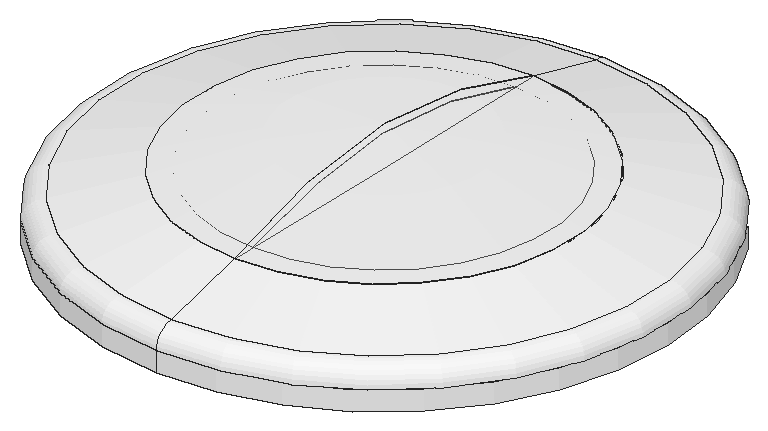
Revit family "LBSLEDA", category Lighting Fixtures, host Face, Revit 2012
Parameters (values of type "LBSLEDA10L30K9 WH")
  Wattage = 17 W
  built-in parameter 1150110 = 1 (stored number, unit not read)
  Voltage = 120 V
  Wattage Comments = ""
  URL = "http://www.prescolite.com/"
  built-in parameter 1114217 = 1 (stored number, unit not read)
  Tilt Angle = -90.00°
  built-in parameter 1150109 = 1 (stored number, unit not read)
  built-in parameter 1150134 = (empty or 0)
  built-in parameter 1150113 = 1 (stored number, unit not read)
  Product Page URL = "http://www.prescolite.com/products/lbsleda/"
  Product Documentation Link = "http://www.prescolite.com/content/products/specs/specs_files/lb_led_011.pdf"
  Watts = 17 W
  Photometric Web File = "LBSLEDA10L30K9 WH.ies"
  Model = "LBSLEDA"  # constant formula
  Manufacturer Phone = "(864)-678-1000"  # constant formula
  Manufacturer Fax = "(866)-898-0131"  # constant formula
  Manufacturer = "Prescolite Lighting"  # constant formula
  built-in parameter 1150105 = 78.463 (stored number, unit not read)
  Lumens = 986 lm
  built-in parameter 1150115 = 1 (stored number, unit not read)
  built-in parameter 1150137 = (empty or 0)
  built-in parameter 1150139 = (empty or 0)
  built-in parameter 1150112 = 1 (stored number, unit not read)
  built-in parameter 1150114 = 1 (stored number, unit not read)
  Lamp = "LED Lamp"
  built-in parameter 1150132 = (empty or 0)
  built-in parameter 1150102 = (empty or 0)
  built-in parameter 1150107 = 3000 (stored number, unit not read)
  built-in parameter 1150138 = (empty or 0)
  built-in parameter 1150106 = 0.78463 (stored number, unit not read)
  Glass = White Glass
  built-in parameter 1150104 = 5.3884 (stored number, unit not read)
  Dimming Lamp Color Temperature Shift = <None>
  Description = "Designed for use in new construction or retrofit IC or Non-IC applications"  # constant formula
  Default Elevation = 4' - 0"
  Color Filter = 16777215
  CRI = "90+ CRI"
  built-in parameter 1114218 = 1 (stored number, unit not read)
  Backbox = White
  built-in parameter 1150133 = 10 (stored number, unit not read)
  Apparent Load = 0 VA
Reference planes (in)
  plane 1 "Center (Front/Back)": y = -8.21443
  plane 2: z = 0
  plane 3 "Center (Left/Right)": x = 1.66944
  plane 4: y = -4.58943
  plane 5: y = -11.83943
  plane 6: z = 1.25
  plane 7: z = 0.75
  plane 8: z = 0.5
  plane 9: z = 0.25
  plane 10: y = -4.83943
  plane 11: y = -5.83943
  plane 12: z = 1
Forms (in)
  Revolve 1, solid, material "White" <- "Backbox"
    sketch origin (1.66944, 0, 0) x (0, 1, 0) y (0, 0, 1)
      loop
        line (-4.58943, 0) -> (-4.58943, 0.25)
        arc (-4.58943, 0.25) -> (-4.66265, 0.42678) -> (-4.83943, 0.5) r 0.25
        line (-4.83943, 0.5) -> (-5.83943, 0.75) -> (-8.21443, 0.75) -> (-8.21443, 0) -> (-4.58943, 0)
      axis (-8.21443, 0.75) -> (-8.21443, 0)
    angle from 0 to 360
  Revolve 2, solid, material "White Glass" <- "Glass"
    sketch origin (1.66944, 0, 0) x (0, 1, 0) y (0, 0, 1)
      loop
        arc (-5.83943, 0.75) -> (-7.00459, 1.1061) -> (-8.21443, 1.25) r 6.84506
        line (-8.21443, 1.25) -> (-8.21443, 1.14996)
        arc (-8.21443, 1.14996) -> (-7.15049, 1.03339) -> (-6.11839, 0.75) r 6.74506
        line (-6.11839, 0.75) -> (-5.83943, 0.75)
      axis (-8.21443, 1.25) -> (-8.21443, 0.75)
    angle from 0 to 360
Dimensions and locks (in)
  equal spacing: plane 4, plane 1 "Center (Front/Back)", plane 5
  locked: plane 4 to plane 5 at 7.25
  locked: plane 6 to plane 2 at 1.25
  locked: plane 6 to plane 7 at 0.5
  locked: plane 7 to plane 8 at 0.25
  locked: plane 8 to plane 9 at 0.25
  plane 4 to plane 10 = 0' - 0 1/4"
  locked: plane 10 to plane 11 at 1
  locked: plane 11 to Revolve 2 sketch curve at 0.27896
  locked: plane 6 to plane 12 at 0.25
  aligned and locked: plane 2 to host face
  aligned and locked: level to host face
  aligned and locked: plane 1 "Center (Front/Back)" to Revolve 1 sketch curve
  aligned and locked: Revolve 1 sketch curve to plane 2
  aligned and locked: plane 9 to Revolve 1 sketch curve
  aligned and locked: plane 10 to Revolve 1 sketch curve
  aligned and locked: plane 8 to Revolve 1 sketch curve
  aligned and locked: plane 11 to Revolve 1 sketch curve
  aligned and locked: Revolve 1 sketch curve to plane 7
  aligned and locked: Revolve 1 sketch curve to plane 1 "Center (Front/Back)"
  aligned and locked: plane 1 "Center (Front/Back)" to Revolve 2 sketch curve
  aligned and locked: Revolve 2 sketch curve to plane 1 "Center (Front/Back)"
  aligned and locked: plane 11 to Revolve 2 sketch curve
  aligned and locked: plane 7 to Revolve 2 sketch curve
  aligned and locked: imposter light to plane 1 "Center (Front/Back)"
  aligned and locked: plane 3 "Center (Left/Right)" to imposter light
  aligned and locked: imposter light to plane 12
Automatic sketch dimensions
  host sketch curve to host sketch curve = 8' - 0"
  host sketch curve to host sketch curve = 9' - 4.80516"
  Revolve 1 sketch curve to level = 0' - 2 1/4"
  plane 6 to Revolve 1 sketch curve = 0' - 1 1/4"
  Revolve 2 sketch curve to Revolve 2 sketch curve = 0' - 0"  (x2)
  Revolve 2 sketch curve to plane 6 = 0' - 0"
  plane 1 "Center (Front/Back)" to Revolve 2 sketch curve = 0' - 0.20032"
  Revolve 2 sketch curve to level = 0' - 1.67551"
  Revolve 2 sketch curve to Revolve 2 sketch curve = 0' - 1.07449"
Connectors (in)
  electrical at (1.66944, -8.21443, 0), driven by "Voltage", driven by "Description"
    settings: on Revolve 1, index 1, voltage 120 V, apparent load 0 VA, apparent load phase1 0 VA, apparent load phase2 0 VA, apparent load phase3 0 VA, power factor 1, load classification "Other", number of poles 1, system type 30, power factor state 1, is connector primary yes, connector utility no, sub classification motor no, connector description "Designed for use in new construction or retrofit IC or Non-IC applications"
